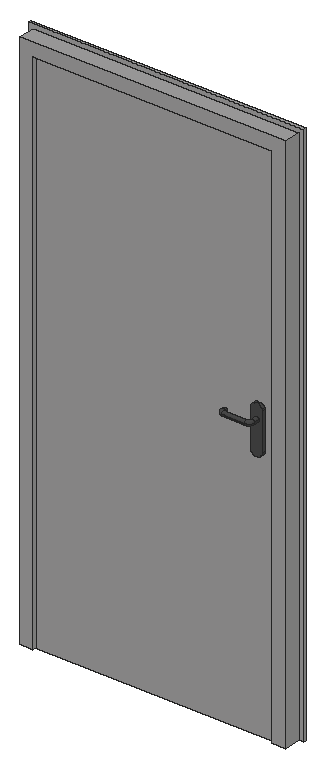
Revit family "Turia 1 hoja EI₂30", category Puertas, Revit 2015
Parameters (values of type "TU 1000 x 2050")
  URL = "http://www.andreu.es/es/productos/cortafuegos/turia"
  Relleno de la hoja = "Las chapas están troqueladas y plegadas de forma que tras su montaje, dejan en su interior una cámara interna\r\ndonde se aloja una combinación de materiales aislantes\r\nignífugos y térmicos, que confieren a la puerta aislamiento\r\ntérmico y acústico. Los aislantes utilizados son, entre\r\notros materiales, lana de roca y placas de cartón-yeso.\r\nSu grosor es de 63 mm, con un solape de 16 mm de\r\nancho y 2 mm de espesor."  # constant formula
  Peso aprox = 36.50 kg/m²  # constant formula
  Normativa = "UNE-EN 1634-1:2001"  # constant formula
  Modelo = "TU 1000x2050"
  Memoria descriptiva = "http://www.andreu.es/es/documentos/memorias-descriptivas"
  Marco = "El marco utilizado para la puerta Corta-fuegos modelo Turia es el denominado modelo C-S5. Este\r\nmodelo se caracteriza por su perfilado esquinero (según croquis).\r\nPuede configurarse con acero galvanizado más\r\nprotección antifinger de 1.5 mm de espesor, o el\r\nmismo material que la hoja."  # constant formula
  Manija [instance] = yes
  MEDIDA TOTAL (ANCHO) = [MEDIDA NOMINAL (Ancho)] + 36 mm  # 1036 mm
  MEDIDA NOMINAL (Ancho) = 1000 mm
  MEDIDA DE MARCO (Ancho) = [MEDIDA NOMINAL (Ancho)] - 20 mm  # 980 mm
  MEDIDA DE LUZ (Ancho) = [MEDIDA NOMINAL (Ancho)] - 100 mm  # 900 mm
  MATERIAL DEL MARCO = Acero Galvanizado
  MATERIAL DE LA HOJA = Acero Galvanizado
  Instrucciones de montaje = "http://www.andreu.es/data/instrucc/itc-151-ed3.pdf"
  Hoja = "La puerta Corta-fuegos está construida con 2 planchas ensambladas entre sí, sin necesidad de\r\nsoldaduras. La plancha utilizada es de acero galvanizado de 0.8 mm de espesor, con una\r\nimprimación anti finger (anti huellas). Esta imprimación, consiste en un revestimiento orgánico fino,\r\nque además de proporcionarle una mayor protección anticorrosivo le permite pintar directamente sin\r\ntratamientos previos."  # constant formula
  HOJA (ANCHO) = [MEDIDA DE MARCO (Ancho)]  # 980 mm
  HOJA (ANCHO 2D) = [MEDIDA DE MARCO (Ancho)] + 10 mm  # 990 mm
  Función = Interior
  Fabricante = "Andreu Barberá, S.L."
  Ensayos de Durabilidad de Autocierre = "UNE-EN-1191:2000"  # constant formula
  Descripción = "Puerta metálica Corta-Fuegos pivotante y abatible galvanizada EI2 (30,60,90) C5 de medidas 900x2050 (Medidas Nominales) mod. TURIA de Andreu  o equivalente con certificado de homologación, construida con dos chapas de acero de 0,8mm ensambladas entre sí sin soldadura, relleno de material ignifugo, con doble capa de lana de roca y placa de cartón-yeso, hoja de grosor 63mm y 3 bisagras con marcado CE de doble pala y regulación en altura, con marco tipo CS5 de 1.5mm de espesor con junta intumescente, ajustado y preparado para su fijación a obra mediante garras de acero o para atornillar a premarco, cerradura embutida con cierre a un punto con marcado CE, escudos y manivelas RF mod. Andreu nylon negro con soporte metálico."  # constant formula
  Type Comments = ""
  Clasificación para incendios = "EI₂30"  # constant formula
  Clasificación = "C5"  # constant formula
  Ciclos de apertura = 200000  # constant formula
  Cerradura = "La puerta incluye una cerradura con caja de acero, con cierre a un punto. Esta cerradura presenta\r\nmarcado CE siguiendo la norma UNE-EN 12209:2007. Se completa el conjunto con el cilindro de\r\nlatón de 35 x 35, con sus correspondientes llaves. En la gama estándard, está compuesto por dos\r\nmanivelas de un material altamente resistente. Los soportes de los escudos son metálicos, presentan\r\nembellecedores del mismo material que las manivelas con bocallave a ambos lados."  # constant formula
  Catálogo Técnico = "http://www.andreu.es/lang/es/doc/catalogo-tecnico-ctes.pdf?1018955761"
  Bisagras en hojas = "Las hojas llevan 3 bisagras de acero galvanizado de 3\r\nmm de espesor. Su diseño y fabricación se ajusta a la\r\nnorma UNE-EN 1935 “Bisagras de un solo eje para\r\npuertas Corta-fuegos”.\r\nLas bisagras van unidas mediante tornillos a la hoja."  # constant formula
  Bisagras [instance] = yes
  Acabados = "9010 BLANCO, 7035 GRIS, ACERO INOX, RAL A ELEGIR"  # constant formula
  APERTURA 3D (Grados) [instance] = 0.00°
  ALTURA TOTAL = 2068 mm
Types (5, lengths in mm): name | Modelo | MEDIDA TOTAL (ANCHO) | MEDIDA NOMINAL (Ancho) | MEDIDA DE MARCO (Ancho) | MEDIDA DE LUZ (Ancho) | HOJA (ANCHO) | HOJA (ANCHO 2D) | APERTURA 3D (Grados)
  TU 800 x 2050 | "TU 800x2050" | 836 | 800 | 780 | 700 | 780 | 790 | 45.00°
  TU 900 x 2050 | "TU 900x2050" | 936 | 900 | 880 | 800 | 880 | 890 | 45.00°
  TU 1000 x 2050 | "TU 1000x2050" | 1036 | 1000 | 980 | 900 | 980 | 990 | 0.00°
  TU 1100 x 2050 | "TU 1100x2050" | 1136 | 1100 | 1080 | 1000 | 1080 | 1090 | 45.00°
  TU 1200 x 2050 | "TU 1200x2050" | 1236 | 1200 | 1180 | 1100 | 1180 | 1190 | 45.00°
Reference planes
  plane 1 "Muro": y = 0
  plane 2 "Centro (Izquierda/Derecha)": x = 125
  plane 3 "Posterior": y = 100
  plane 4: x = -375
  plane 5: x = 625
  plane 6: z = 2068
  plane 7: x = -365
  plane 8: x = 615
  plane 9: x = -325
  plane 10: x = 575
  plane 11: x = -393
  plane 12: x = 643
  plane 13: y = 110
  plane 14: y = 47
  plane 15: y = 37
  plane 16: x = 620
  plane 17: y = 107
  plane 18: x = -370
  plane 19: y = 1300
  plane 20: y = 1090
  plane 21 "M": z = 1047.976
  plane 22: x = 515
Forms (mm)
  Sweep 1, solid, material "Acero Galvanizado" <- "MATERIAL DEL MARCO", detail levels medium+fine
    path origin (0, 100, 0) x (1, 0, 0) y (0, 0, 1)
      loop
        line (625, 0) -> (625, 2050) -> (-375, 2050) -> (-375, 0)
    profile origin (625, 100, 1025) x (-1, 0, 0) y (0, -1, 0)
      loop
        line (-18, 0) -> (-18, -10) -> (10, -10) -> (10, 53) -> (50, 53) -> (50, 63) -> (0, 63) -> (0, 0) -> (-18, 0)
  Extrusion 2, solid, material "Acero Galvanizado" <- "MATERIAL DE LA HOJA"
    sketch origin (-365, 110, 0) x (1, 0, 0) y (0, 0, 1)
      loop
        line (0, 0) -> (980, 0) -> (980, 2040) -> (0, 2040) -> (0, 0)
    from 0 to 63
  Extrusion 3, solid, material "Acero Galvanizado" <- "MATERIAL DEL MARCO", visible <- "Bisagras"
    sketch origin (70.706, 28.204, 128) x (1, 0, 0) y (0, 1, 0)
      loop
        line (-449.598, 81.796) -> (-435.706, 81.796) -> (-435.706, 86.796) -> (-442.181, 86.796)
        arc (-442.181, 86.796) -> (-454.07, 96.429) -> (-449.598, 81.796) r 8
    from 0 to 100
  Extrusion 4, solid, material "Acero Galvanizado" <- "MATERIAL DEL MARCO", visible <- "Bisagras"
    sketch origin (70.706, 28.204, 1832) x (0, -1, 0) y (1, 0, 0)
      loop
        line (-81.796, -449.598) -> (-81.796, -435.706) -> (-86.796, -435.706) -> (-86.796, -442.181)
        arc (-86.796, -442.181) -> (-96.429, -454.07) -> (-81.796, -449.598) r 8
    from 0 to 100
  Extrusion 5, solid, material "Acero Galvanizado" <- "MATERIAL DEL MARCO", visible <- "Bisagras"
    sketch origin (70.706, 28.204, 970) x (1, 0, 0) y (0, 1, 0)
      loop
        line (-449.598, 81.796) -> (-435.706, 81.796) -> (-435.706, 86.796) -> (-442.181, 86.796)
        arc (-442.181, 86.796) -> (-454.07, 96.429) -> (-449.598, 81.796) r 8
    from 0 to 100
Lines and regions (mm)
  Opening 1
    outline origin (-5000, -100, 0) x (1, 0, 0) y (0, 0, 1)
      loop
        line (5625, 2050) -> (4625, 2050) -> (4625, 0) -> (5625, 0) -> (5625, 2050)
  model lines
    curve 1: line (625, 100, 0) -> (625, 100, 2068)
    curve 2: line (625, 100, 2068) -> (-375, 100, 2068)
    curve 3: line (-375, 100, 2068) -> (-375, 100, 0)
  reference lines
    curve 4: line (-365, 110, 0) -> (100, 110, 0)
  symbolic lines, detail levels coarse
    curve 5: line (-375, 100, 0) -> (-375, 1100, 0)
    curve 6: line (-375, 1100, 0) -> (625, 100, 0)
  symbolic lines, detail levels medium+fine
    curve 7: line (-365, 110, 0) -> (-302, 110, 0)
    curve 8: line (-365, 1090, 0) -> (-365, 110, 0)
    curve 9: line (-302, 1090, 0) -> (-365, 1090, 0)
    curve 10: line (-302, 110, 0) -> (-302, 1090, 0)
  symbolic lines
    curve 11: arc (615, 110, 1047.976) -> (327.965, 802.965, 1047.976) -> (-365, 1090, 1047.976) r 980
Text (mm)
  text "Cara de colocación" at (-1848.837, 1116.779, 0), in view "Nivel de referencia"
  text "Cara de colocación" at (0, 1409.804, 2854.306), in view "Izquierda"
  text "Cara de colocación" at (0, 499.811, 2980.732), in view "Derecha"
Dimensions and locks
  plane 3 "Posterior" to host wall = 0 mm
  equal spacing: plane 4, plane 2 "Centro (Izquierda/Derecha)", plane 5
  "MEDIDA NOMINAL (Ancho)": plane 4 to plane 5
  "ALTURA TOTAL": level to plane 6
  equal spacing: plane 7, plane 2 "Centro (Izquierda/Derecha)", plane 8
  "MEDIDA DE MARCO (Ancho)": plane 7 to plane 8
  equal spacing: plane 9, plane 2 "Centro (Izquierda/Derecha)", plane 10
  "MEDIDA DE LUZ (Ancho)": plane 9 to plane 10
  equal spacing: plane 11, plane 2 "Centro (Izquierda/Derecha)", plane 12
  "MEDIDA TOTAL (ANCHO)": plane 11 to plane 12
  locked: plane 3 "Posterior" to plane 13 at 10
  locked: plane 13 to plane 14 at 63
  locked: plane 14 to plane 15 at 10
  "HOJA (ANCHO)": Extrusion 2 sketch curve to Extrusion 2 sketch curve
  equal spacing: plane 18, plane 2 "Centro (Izquierda/Derecha)", plane 16
  "HOJA (ANCHO 2D)": plane 18 to plane 16
  "MEDIDA NOMINAL (Ancho)": curve 5 to curve 5
  "MEDIDA DE MARCO (Ancho)": plane 20 to plane 13
  locked: plane 22 to plane 10 at 60
  locked: Extrusion 2 to nested 2 at 95
  locked: Extrusion 2 to nested 1 at 95
  "APERTURA 3D (Grados)": angle plane 13 to curve 4
  aligned and locked: plane 1 "Muro" to host wall
  aligned and locked: plane 3 "Posterior" to host wall
  aligned and locked: plane 15 to Sweep 1 sketch curve
  aligned and locked: plane 7 to curve 4
  aligned and locked: plane 13 to curve 4
  aligned and locked: Extrusion 2 sketch curve to Sweep 1
  aligned and locked: Sweep 1 sketch curve to plane 14
  aligned and locked: plane 8 to Sweep 1 sketch curve
  aligned and locked: plane 10 to Sweep 1 sketch curve
  aligned and locked: plane 12 to Sweep 1
  aligned and locked: Sweep 1 to plane 10
  aligned and locked: Sweep 1 to plane 15
  aligned and locked: plane 13 to Sweep 1
  aligned and locked: plane 3 "Posterior" to Sweep 1
  aligned and locked: curve 9 to plane 20
  aligned and locked: Extrusion 3 sketch curve to Sweep 1
  aligned and locked: plane 7 to Extrusion 3 sketch curve
Automatic sketch dimensions
  Opening 1 sketch curve to plane 4 = 0 mm
  Opening 1 sketch curve to level = 0 mm
  Opening 1 sketch curve to plane 5 = 0 mm
  Opening 1 sketch curve to plane 6 = 18 mm
  curve 3 to plane 4 = 0 mm
  curve 2 to plane 5 = 0 mm
  curve 3 to level = 0 mm
  curve 1 to level = 0 mm
  curve 2 to plane 6 = 0 mm
  Sweep 1 sketch curve to plane 4 = 0 mm
  Sweep 1 sketch curve to plane 5 = 0 mm
  Sweep 1 sketch curve to level = 0 mm  (x2)
  Sweep 1 sketch curve to plane 6 = 18 mm
  plane 3 "Posterior" to Sweep 1 sketch curve = 0 mm
  Sweep 1 sketch curve to profile plane = 0 mm
  profile plane to Sweep 1 sketch curve = 18 mm
  Sweep 1 sketch curve to plane 3 "Posterior" = 10 mm
  curve 11 to plane 7 = 0 mm
  plane 20 to curve 11 = 0 mm
  curve 11 to plane 8 = 0 mm
  Extrusion 3 sketch curve to plane 18 = 1.475 mm
  Extrusion 3 sketch curve to plane 4 = 3.891 mm
  plane 13 to Extrusion 3 sketch curve = 5 mm
  Extrusion 4 sketch curve to plane 7 = 0 mm
  Extrusion 4 sketch curve to plane 13 = 0 mm
  Extrusion 4 sketch curve to plane 18 = 1.475 mm
  plane 13 to Extrusion 4 sketch curve = 5 mm
  Extrusion 4 sketch curve to plane 4 = 3.891 mm
  Extrusion 5 sketch curve to plane 13 = 0 mm
  Extrusion 5 sketch curve to plane 7 = 0 mm
  Extrusion 5 sketch curve to plane 18 = 1.475 mm
  Extrusion 5 sketch curve to plane 4 = 3.891 mm
  plane 13 to Extrusion 5 sketch curve = 5 mm
  curve 5 to plane 4 = 0 mm
  curve 9 to plane 7 = 0 mm
  curve 10 to plane 13 = 0 mm
  curve 6 to host wall = 0 mm
  curve 6 to plane 5 = 0 mm
  curve 5 to host wall = 0 mm
  plane 9 to curve 9 = 23 mm
  Extrusion 2 sketch curve to curve 4 = 0 mm  (x2)
Nested families
  nested 1: "MANIJA" at (495, 47, 947.976) x (1, 0, 0) z (0, -1, 0), visible <- "Manija", type "MANIJA"
  nested 2: "MANIJA" at (495, 110, 947.976) x (1, 0, 0) z (0, 1, 0), visible <- "Manija", type "MANIJA"
Definition of nested family "MANIJA"
  Parameters (values of type "MANIJA")
    Default Elevation = 1219.2 mm
  Reference planes
    plane 1 "Centro (Frontal/Posterior)": y = 0
    plane 2: z = 0
    plane 3 "Centro (Izquierda/Derecha)": x = 0
  Forms (mm)
    Extrusion 1, solid
      sketch origin (0, 0, 0) x (1, 0, 0) y (0, 1, 0)
        loop
          line (-1219.2, 1219.2) -> (-1219.2, -1219.2) -> (1219.2, -1219.2) -> (1219.2, 1219.2) -> (-1219.2, 1219.2)
      from 0 to -304.8
    Extrusion 2, solid
      sketch origin (-50, -60, 0) x (1, 0, 0) y (0, 1, 0)
        loop
          line (70, 60) -> (75, 60)
          arc (75, 60) -> (89.142, 65.858) -> (95, 80) r 20
          line (95, 80) -> (95, 220)
          arc (95, 220) -> (89.142, 234.142) -> (75, 240) r 20
          line (75, 240) -> (70, 240)
          arc (70, 240) -> (55.858, 234.142) -> (50, 220) r 20
          line (50, 220) -> (50, 80)
          arc (50, 80) -> (55.858, 65.858) -> (70, 60) r 20
      from 0 to 10
    Sweep 3, solid
      path origin (-2.5, 0, 0) x (1, 0, 0) y (0, 0, 1)
        loop
          line (25, 10) -> (25, 33)
          arc (25, 33) -> (21.485, 41.485) -> (13, 45) r 12
          line (13, 45) -> (-72.5, 45)
          arc (-72.5, 45) -> (-79.571, 42.071) -> (-82.5, 35) r 10
          line (-82.5, 35) -> (-82.5, 25)
      profile origin (22.5, 0, 21.5) x (-1, 0, 0) y (0, -1, 0)
        loop
          circle (0, -125.561) r 8
  Dimensions and locks
    aligned and locked: plane 2 to Extrusion 1
    aligned and locked: level to Extrusion 1
